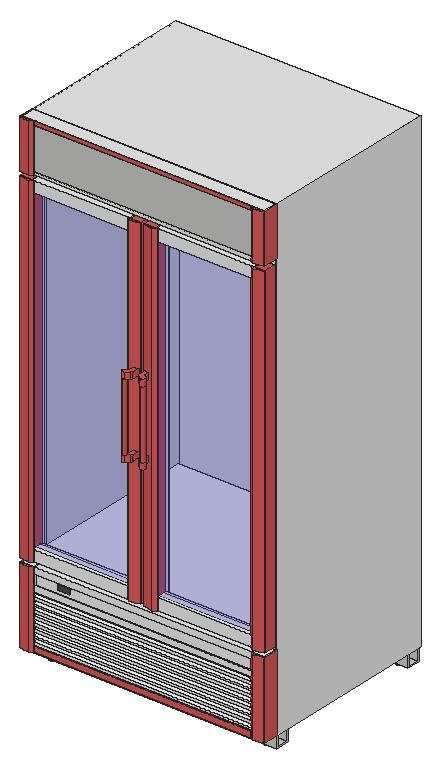
Revit family "QF_Turbo Air_TGM-35SD1c4663ae-152d-4198-af8e-ae2d4dc19811", category Specialty Equipment, Revit 2012
Parameters (values of type "White - Wine")
  Width = 3' - 3 1/2"  # constant formula
  Weight in Pounds = 450  # constant formula
  Watermarked By = "http://revitwatermark.com"
  Volts = 115 V
  URL Cutsheet = ""
  URL = "www.turboairinc.com"
  Status [instance] = ""
  Specification by User [instance] = ""
  Specification by Manufacturer [instance] = ""
  Sign Material [instance] = QF_Finishes_Turbo Air Image
  Serial Number [instance] = ""
  Revision Code [instance] = ""
  Phase = 1
  Number of Poles [instance] = 1
  NAFEM Spec ID Number [instance] = ""
  Model = "TGM-35SDV"
  Masterspec [instance] = ""
  Manufacturer = "Turbo Air"  # constant formula
  Lower Door Frame Material = QF_Finishes_White
  Lower Cowl Frame Material = QF_Finishes_Anodized - Red
  Legs [instance] = not(Casters)  # yes
  Item Number [instance] = "-"
  Installed By [instance] = ""
  HP = "1/3"
  Furnished By [instance] = ""
  Foodservice Equipment Identifier = yes
  FL Amps = 7 A
  Electrical Remarks [instance] = ""
  Electric Connection Type [instance] = ""
  Elec Conn RI Height [instance] = 0' - 0"
  Elec Conn Connection Height [instance] = if(Casters, 0' 11", 0' 6")  # 0' - 6"
  Door Material = QF_Finishes_Anodized - Red
  Description = "Refrigerator Merchandiser"
  Depth = 2' - 7 7/16"  # constant formula
  Cycle = 60 Hz
  Conn Plug = "NEMA 5-15P"
  CasterLeg Height [instance] = if(Casters, 0' 5", 0' 0 1/2")  # 0' - 0 1/2"
  CSI MasterFormat = "11 41 13"
  Body Material = QF_Finishes_White
  Assembly Code = "E1090320"
  Apparent Power = if(Phase = 3, Volts * FL Amps * 1.73, Volts * FL Amps)  # 805 VA
  Casters [instance] = no
Types (4): name | Model | Lower Door Frame Material | Lower Cowl Frame Material | Door Material | Body Material
  (no name) | "TGM-35SDV" | QF_Finishes_White | QF_Finishes_Anodized - Red | QF_Finishes_Anodized - Red | QF_Finishes_White
  Black | "TGM-35SDB" | QF_Finishes_Black | QF_Finishes_Black | QF_Finishes_Black | QF_Finishes_Black
  White | "TGM-35SDW" | QF_Finishes_White | QF_Finishes_White | QF_Finishes_White | QF_Finishes_White
  White - Wine | "TGM-35SDV" | QF_Finishes_White | QF_Finishes_Anodized - Red | QF_Finishes_Anodized - Red | QF_Finishes_White
Reference planes (in)
  plane 1: z = 0
  plane 2 "LEFT": x = -20.72594
  plane 3 "RIGHT": x = 18.77406
  plane 4 "FRONT": y = -29.375
  plane 5 "BACK": y = 4.3125
  plane 6 "Front of Door": y = -27.125
  plane 7 "Top of Door": z = 70.8125
  plane 8 "Top of Lower Cowl": z = 14.875
  plane 9 "Front of Box": y = -24.75
  plane 10 "Bottom of Door": z = 15.5625
  plane 11 "Bottom of Lower Cowl": z = 2.5
  plane 12 "Left of Vents": x = -18.53844
  plane 13 "Right of Vents": x = 16.58656
  plane 14 "Bottom": z = 0.5
  plane 15 "TOP": z = 79.4375
  plane 16 "Bottom of Top Display": z = 71.5625
  plane 17 "Right of Left Door": x = -1.22594
  plane 18 "Left of Right Door": x = -0.72594
Forms (in)
  Extrusion 1, solid, material "QF_Finishes_White" <- "Body Material"
    sketch origin (0, 4.3125, 0) x (1, 0, 0) y (0, 0, 1)
      loop
        line (-20.72594, 2.5) -> (18.77406, 2.5) -> (18.77406, 79.4375) -> (-20.72594, 79.4375) -> (-20.72594, 2.5)
      loop
        line (-20.60094, 79.3125) -> (-20.60094, 2.625) -> (18.64906, 2.625) -> (18.64906, 79.3125) -> (-20.60094, 79.3125)
    from 0 to 29.0625
  Extrusion 2, solid, material "QF_Finishes_White" <- "Body Material"
    sketch origin (0, 4.3125, 0) x (1, 0, 0) y (0, 0, 1)
      loop
        line (-20.60094, 79.3125) -> (-20.60094, 2.625) -> (18.64906, 2.625) -> (18.64906, 79.3125) -> (-20.60094, 79.3125)
    from 0 to 0.125
  Extrusion 3, solid, material "QF_Finishes_White" <- "Body Material"
    sketch origin (0, -24.75, 0) x (1, 0, 0) y (0, 0, 1)
      loop
        line (-18.72594, 68.8125) -> (-18.72594, 16.875) -> (-3.22594, 16.875) -> (-3.22594, 68.8125) -> (-18.72594, 68.8125)
      loop
        line (16.77406, 16.875) -> (16.77406, 68.8125) -> (1.27406, 68.8125) -> (1.27406, 16.875) -> (16.77406, 16.875)
      loop
        line (-20.60094, 79.3125) -> (-20.60094, 2.625) -> (18.64906, 2.625) -> (18.64906, 79.3125) -> (-20.60094, 79.3125)
      loop
        line (16.58656, 14.875) -> (-18.53844, 14.875) -> (-18.53844, 3.5) -> (16.58656, 3.5) -> (16.58656, 14.875)
    from 0 to -0.125
  Extrusion 4, solid, material "QF_Finishes_White"
    sketch origin (-20.72594, 0, 0) x (0, 1, 0) y (0, 0, 1)
      loop
        line (-24.625, 15) -> (4.1875, 15) -> (4.1875, 79.3125) -> (-24.625, 79.3125) -> (-24.625, 68.8125) -> (-22.75, 68.8125) -> (-22.75, 77.4375) -> (2.3125, 77.4375) -> (2.3125, 16.875) -> (-24.625, 16.875) -> (-24.625, 15)
    from 0.125 to 39.375
  Extrusion 5, solid, material "QF_Finishes_White"
    sketch origin (-20.72594, 0, 0) x (0, 1, 0) y (0, 0, 1)
      loop
        line (-24.625, 16.875) -> (2.3125, 16.875) -> (2.3125, 77.4375) -> (-22.75, 77.4375) -> (-22.75, 68.8125) -> (-24.625, 68.8125) -> (-24.625, 16.875)
    from 0.125 to 2
  Extrusion 6, solid, material "QF_Finishes_White"
    sketch origin (18.77406, 0, 0) x (0, 1, 0) y (0, 0, 1)
      loop
        line (-24.625, 16.875) -> (2.3125, 16.875) -> (2.3125, 77.4375) -> (-22.75, 77.4375) -> (-22.75, 68.8125) -> (-24.625, 68.8125) -> (-24.625, 16.875)
    from -0.125 to -2
  Extrusion 7, solid, material "QF_Finishes_Black"
    sketch origin (0, -24.75, 0) x (1, 0, 0) y (0, 0, 1)
      loop
        line (0.58656, 69.5) -> (0.58656, 16.1875) -> (17.46156, 16.1875) -> (17.46156, 69.5) -> (0.58656, 69.5)
      loop
        line (0.46156, 69.625) -> (0.46156, 16.0625) -> (17.58656, 16.0625) -> (17.58656, 69.625) -> (0.46156, 69.625)
    from 0 to 0.4375
  Extrusion 8, solid, material "QF_Finishes_White" <- "Body Material"
    sketch origin (0, 4.3125, 0) x (1, 0, 0) y (0, 0, 1)
      loop
        circle (-0.97594, 6) r 0.25
    from 0 to -0.0625
  Extrusion 9, solid, material "QF_Finishes_Anodized - Red" <- "Door Material"
    sketch origin (0, 0, 2.5) x (0, 1, 0) y (-1, 0, 0)
      loop
        line (-24.75, 20.72594) -> (-27.25, 20.72594)
        arc (-27.25, 20.72594) -> (-27.46771, 19.92526) -> (-27.5625, 19.10094) r 5.5
        line (-27.5625, 19.10094) -> (-27.1875, 18.53844) -> (-27.125, 18.53844) -> (-27.125, 20.60094) -> (-24.75, 20.60094) -> (-24.75, 20.72594)
    from 0 to 12.375
  Extrusion 10, solid, material "QF_Finishes_Anodized - Red" <- "Door Material"
    sketch origin (25.75, 0, 2.5) x (0, 1, 0) y (-1, 0, 0)
      loop
        line (-24.75, 6.97594) -> (-24.75, 7.10094) -> (-27.125, 7.10094) -> (-27.125, 9.16344) -> (-27.1875, 9.16344) -> (-27.5625, 8.60094)
        arc (-27.5625, 8.60094) -> (-27.46771, 7.77662) -> (-27.25, 6.97594) r 5.5
        line (-27.25, 6.97594) -> (-24.75, 6.97594)
    from 0 to 12.375
  Extrusion 11, solid, material "QF_Finishes_White" <- "Body Material"
    sketch origin (0, -24.75, 0) x (1, 0, 0) y (0, 0, 1)
      loop
        line (-18.53844, 14.875) -> (-18.53844, 13.875) -> (16.58656, 13.875) -> (16.58656, 14.875) -> (-18.53844, 14.875)
      loop
        line (-18.53844, 12.1875) -> (-18.53844, 11.1875) -> (16.58656, 11.1875) -> (16.58656, 12.1875) -> (-18.53844, 12.1875)
    from 0 to 2.375
  Extrusion 12, solid, material "QF_Finishes_White" <- "Body Material"
    sketch origin (0, -24.75, 0) x (1, 0, 0) y (0, 0, 1)
      loop
        line (-18.53844, 13.875) -> (-18.53844, 12.1875) -> (16.58656, 12.1875) -> (16.58656, 13.875) -> (-18.53844, 13.875)
      loop
        line (-14.97594, 12.625) -> (-13.03844, 12.625) -> (-13.03844, 13.4375) -> (-14.97594, 13.4375) -> (-14.97594, 12.625)
    from 0 to 2.125
  Extrusion 13, solid, material "QF_Finishes_Black"
    sketch origin (0, -24.75, 0) x (1, 0, 0) y (0, 0, 1)
      loop
        line (-14.97594, 13.4375) -> (-14.97594, 12.625) -> (-13.03844, 12.625) -> (-13.03844, 13.4375) -> (-14.97594, 13.4375)
    from 0 to 2.125
  Extrusion 14, solid, material "QF_Finishes_White" <- "Body Material"
    sketch origin (0, -24.75, 0) x (1, 0, 0) y (0, 0, 1)
      loop
        line (-20.60094, 14.875) -> (-20.60094, 2.5) -> (18.64906, 2.5) -> (18.64906, 14.875) -> (16.58656, 14.875) -> (16.58656, 3.5) -> (-18.53844, 3.5) -> (-18.53844, 14.875) -> (-20.60094, 14.875)
    from 0 to 2.375
  Extrusion 15, solid, material "QF_Finishes_Anodized - Red" <- "Lower Cowl Frame Material"
    sketch origin (0, -27.125, 0) x (1, 0, 0) y (0, 0, 1)
      loop
        line (-18.53844, 3.5) -> (-18.53844, 2.5) -> (16.58656, 2.5) -> (16.58656, 3.5) -> (-18.53844, 3.5)
    from 0 to 0.0625
  Extrusion 16, solid, material "QF_Finishes_White" <- "Body Material"
    sketch origin (-18.53844, 0, 0) x (0, 1, 0) y (0, 0, 1)
      loop
        line (-27.125, 3.5625) -> (-27, 3.5625) -> (-27, 3.88572) -> (-26.47411, 4.41161) -> (-26.5625, 4.5) -> (-27.125, 3.9375) -> (-27.125, 3.5625)
      loop
        line (-27.125, 4.5) -> (-27, 4.625) -> (-27, 4.82322) -> (-26.47411, 5.34911) -> (-26.5625, 5.4375) -> (-27.125, 4.875) -> (-27.125, 4.5)
      loop
        line (-27.125, 5.4375) -> (-27, 5.5625) -> (-27, 5.76072) -> (-26.47411, 6.28661) -> (-26.5625, 6.375) -> (-27.125, 5.8125) -> (-27.125, 5.4375)
      loop
        line (-27.125, 6.375) -> (-27, 6.5) -> (-27, 6.69822) -> (-26.47411, 7.22411) -> (-26.5625, 7.3125) -> (-27.125, 6.75) -> (-27.125, 6.375)
      loop
        line (-27.125, 11.0625) -> (-26.5625, 11.0625) -> (-27.125, 10.5) -> (-27.125, 10.125) -> (-27, 10.25) -> (-27, 10.44822) -> (-26.47411, 10.97411) -> (-26.47411, 11.125) -> (-27.125, 11.125) -> (-27.125, 11.0625)
      loop
        line (-27.125, 7.3125) -> (-27, 7.4375) -> (-27, 7.63572) -> (-26.47411, 8.16161) -> (-26.5625, 8.25) -> (-27.125, 7.6875) -> (-27.125, 7.3125)
      loop
        line (-27.125, 8.25) -> (-27, 8.375) -> (-27, 8.57322) -> (-26.47411, 9.09911) -> (-26.5625, 9.1875) -> (-27.125, 8.625) -> (-27.125, 8.25)
      loop
        line (-27.125, 9.1875) -> (-27, 9.3125) -> (-27, 9.51072) -> (-26.47411, 10.03661) -> (-26.5625, 10.125) -> (-27.125, 9.5625) -> (-27.125, 9.1875)
    from 0 to 35.125
  Extrusion 17, solid, material "QF_Finishes_Stainless Steel"
    sketch origin (-20.72594, 0, 0) x (0, 1, 0) y (0, 0, 1)
      loop
        line (-24.5625, 2.5) -> (-24.5625, 0.5) -> (-22.375, 0.5) -> (-22.375, 2.5) -> (-22.5, 2.5) -> (-22.5, 0.625) -> (-24.4375, 0.625) -> (-24.4375, 2.5) -> (-24.5625, 2.5)
      loop
        line (1.9375, 2.5) -> (1.9375, 0.5) -> (4.125, 0.5) -> (4.125, 2.5) -> (4, 2.5) -> (4, 0.625) -> (2.0625, 0.625) -> (2.0625, 2.5) -> (1.9375, 2.5)
    from 0.125 to 39.375
  Extrusion 18, solid, material "QF_Finishes_Stainless Steel", visible <- "Legs"
    sketch origin (0, 0, 0) x (1, 0, 0) y (0, 1, 0)
      loop
        circle (-18.41344, 3.03125) r 0.5625
      loop
        circle (-18.41344, -23.46875) r 0.5625
    from 0 to 0.5
  Extrusion 19, solid, material "QF_Finishes_Stainless Steel", visible <- "Legs"
    sketch origin (23.4375, 0, 0) x (1, 0, 0) y (0, 1, 0)
      loop
        circle (-6.97594, 3.03125) r 0.5625
      loop
        circle (-6.97594, -23.46875) r 0.5625
    from 0 to 0.5
  Extrusion 20, solid, material "QF_Finishes_Anodized - Red" <- "Door Material"
    sketch origin (0, 0, 71.5625) x (0, 1, 0) y (-1, 0, 0)
      loop
        line (-24.75, 20.72594) -> (-27.25, 20.72594)
        arc (-27.25, 20.72594) -> (-27.46771, 19.92526) -> (-27.5625, 19.10094) r 5.5
        line (-27.5625, 19.10094) -> (-27.1875, 18.53844) -> (-27.125, 18.53844) -> (-27.125, 20.60094) -> (-24.75, 20.60094) -> (-24.75, 20.72594)
    from 0 to 7.875
  Extrusion 21, solid, material "QF_Finishes_Anodized - Red" <- "Door Material"
    sketch origin (0, 0, 71.5625) x (0, 1, 0) y (-1, 0, 0)
      loop
        line (-24.75, -18.77406) -> (-24.75, -18.64906) -> (-27.125, -18.64906) -> (-27.125, -16.58656) -> (-27.1875, -16.58656) -> (-27.5625, -17.14906)
        arc (-27.5625, -17.14906) -> (-27.46771, -17.97338) -> (-27.25, -18.77406) r 5.5
        line (-27.25, -18.77406) -> (-24.75, -18.77406)
    from 0 to 7.875
  Extrusion 22, solid, material "QF_Finishes_White" <- "Body Material"
    sketch origin (0, -24.75, 80) x (1, 0, 0) y (0, 0, 1)
      loop
        line (-20.60094, -0.5625) -> (-20.60094, -8.4375) -> (18.64906, -8.4375) -> (18.64906, -0.5625) -> (-20.60094, -0.5625)
      loop
        line (16.58656, -1.125) -> (-18.53844, -1.125) -> (-18.53844, -7.875) -> (16.58656, -7.875) -> (16.58656, -1.125)
    from 0 to 2.375
  Extrusion 23, solid, material "QF_Finishes_Anodized - Red" <- "Lower Cowl Frame Material"
    sketch origin (0, -27.125, 78) x (1, 0, 0) y (0, 0, 1)
      loop
        line (-18.53844, 1.4375) -> (-18.53844, 0.875) -> (16.58656, 0.875) -> (16.58656, 1.4375) -> (-18.53844, 1.4375)
    from 0 to 0.0625
  Extrusion 24, solid, material "QF_Finishes_Turbo Air Image" <- "Sign Material"
    sketch origin (0, -24.75, 0) x (1, 0, 0) y (0, 0, 1)
      loop
        line (-18.53844, 78.875) -> (-18.53844, 72.125) -> (16.58656, 72.125) -> (16.58656, 78.875) -> (-18.53844, 78.875)
    from 0 to 2.375
  Extrusion 25, solid, material "QF_Finishes_Black"
    sketch origin (-20, -24.75, 0) x (1, 0, 0) y (0, 0, 1)
      loop
        line (0.58656, 69.5) -> (0.58656, 16.1875) -> (17.46156, 16.1875) -> (17.46156, 69.5) -> (0.58656, 69.5)
      loop
        line (0.46156, 69.625) -> (0.46156, 16.0625) -> (17.58656, 16.0625) -> (17.58656, 69.625) -> (0.46156, 69.625)
    from 0 to 0.4375
Lines and regions (in)
  symbolic lines
    curve 1: line (-20.72594, 4.3125, 0) -> (18.77406, 4.3125, 0)
    curve 2: line (-20.72594, -24.75, 0) -> (-20.72594, 4.3125, 0)
    curve 3: line (18.77406, -24.75, 0) -> (-20.72594, -24.75, 0)
    curve 4: line (18.77406, 4.3125, 0) -> (18.77406, -24.75, 0)
    curve 5: line (0.46156, -24.75, 0) -> (0.46156, -25.1875, 0)
    curve 6: line (17.58656, -25.1875, 0) -> (17.58656, -24.75, 0)
    curve 7: line (-2.41344, -25.1875, 0) -> (-2.41344, -24.75, 0)
    curve 8: line (-19.53844, -24.75, 0) -> (-19.53844, -25.1875, 0)
  symbolic lines, style "QF_Clearances", detail levels coarse
    curve 9: line (-20.72594, -27.125, 0) -> (-20.72594, -46.625, 0)
    curve 10: line (18.77406, -46.625, 0) -> (18.77406, -27.125, 0)
    curve 11: arc (-20.72594, -46.625, 0) -> (-6.93736, -40.91358, 0) -> (-1.22594, -27.125, 0) r 19.5
    curve 12: arc (18.77406, -46.625, 0) -> (5.20645, -41.00511, 0) -> (-0.41344, -27.4375, 0) r 19.1875
Dimensions and locks (in)
  "Width": plane 3 "RIGHT" to plane 2 "LEFT"
  "Depth": plane 6 "Front of Door" to plane 5 "BACK"
  locked: plane 4 "FRONT" to plane 6 "Front of Door" at 2.25
  locked: plane 6 "Front of Door" to plane 9 "Front of Box" at 2.375
  locked: Extrusion 1 sketch curve to plane 2 "LEFT" at 0.125
  locked: Extrusion 1 sketch curve to plane 3 "RIGHT" at 0.125
  locked: Extrusion 3 sketch curve to plane 2 "LEFT" at 2
  locked: plane 7 "Top of Door" to Extrusion 3 sketch curve at 2  (x2)
  locked: Extrusion 3 sketch curve to plane 3 "RIGHT" at 2
  locked: Extrusion 3 sketch curve to plane 8 "Top of Lower Cowl" at 2  (x2)
  locked: plane 9 "Front of Box" to Extrusion 4 sketch curve at 0.125  (x2)
  locked: Extrusion 4 sketch curve to plane 5 "BACK" at 0.125
  locked: plane 8 "Top of Lower Cowl" to Extrusion 4 sketch curve at 0.125
  locked: Extrusion 4 sketch curve to Extrusion 4 sketch curve at 1.875  (x4)
  locked: plane 9 "Front of Box" to Extrusion 5 sketch curve at 0.125
  locked: plane 7 "Top of Door" to Extrusion 5 sketch curve at 2
  locked: Extrusion 5 sketch curve to plane 5 "BACK" at 2
  locked: plane 8 "Top of Lower Cowl" to Extrusion 5 sketch curve at 2
  locked: plane 7 "Top of Door" to Extrusion 6 sketch curve at 2
  locked: plane 8 "Top of Lower Cowl" to Extrusion 6 sketch curve at 2
  locked: Extrusion 6 sketch curve to plane 5 "BACK" at 2
  locked: plane 9 "Front of Box" to Extrusion 6 sketch curve at 0.125
  locked: Extrusion 7 sketch curve to Extrusion 7 sketch curve at 0.125  (x4)
  locked: Extrusion 7 sketch curve to plane 8 "Top of Lower Cowl" at 1.1875
  locked: plane 7 "Top of Door" to Extrusion 7 sketch curve at 1.1875
  locked: Extrusion 7 sketch curve to plane 3 "RIGHT" at 1.1875
  locked: plane 8 "Top of Lower Cowl" to plane 11 "Bottom of Lower Cowl" at 12.375
  locked: Extrusion 1 sketch curve to plane 11 "Bottom of Lower Cowl" at 0.125
  locked: plane 2 "LEFT" to plane 12 "Left of Vents" at 2.1875
  locked: plane 13 "Right of Vents" to plane 3 "RIGHT" at 2.1875
  locked: Extrusion 9 sketch curve to plane 6 "Front of Door" at 0.0625
  locked: Extrusion 9 sketch curve to plane 6 "Front of Door" at 0.125
  locked: Extrusion 9 sketch curve to plane 6 "Front of Door" at 0.4375
  locked: plane 2 "LEFT" to Extrusion 9 sketch curve at 1.625
  locked: Extrusion 10 sketch curve to plane 6 "Front of Door" at 0.125
  locked: Extrusion 10 sketch curve to plane 6 "Front of Door" at 0.0625
  locked: Extrusion 10 sketch curve to plane 6 "Front of Door" at 0.4375
  locked: Extrusion 10 sketch curve to plane 3 "RIGHT" at 1.625
  locked: plane 8 "Top of Lower Cowl" to Extrusion 11 sketch curve at 1
  locked: Extrusion 11 sketch curve to Extrusion 11 sketch curve at 1.6875
  locked: Extrusion 11 sketch curve to Extrusion 11 sketch curve at 1
  locked: plane 8 "Top of Lower Cowl" to Extrusion 12 sketch curve at 1
  locked: Extrusion 12 sketch curve to Extrusion 12 sketch curve at 1.6875
  locked: Extrusion 12 sketch curve to Extrusion 12 sketch curve at 0.4375
  locked: Extrusion 12 sketch curve to Extrusion 12 sketch curve at 0.8125
  locked: Extrusion 12 sketch curve to plane 12 "Left of Vents" at 3.5625
  locked: Extrusion 12 sketch curve to Extrusion 12 sketch curve at 1.9375
  locked: plane 8 "Top of Lower Cowl" to Extrusion 13 sketch curve at 1.4375
  locked: Extrusion 13 sketch curve to Extrusion 13 sketch curve at 0.8125
  locked: Extrusion 13 sketch curve to plane 12 "Left of Vents" at 3.5625
  locked: Extrusion 13 sketch curve to Extrusion 13 sketch curve at 1.9375
  locked: Extrusion 3 sketch curve to plane 11 "Bottom of Lower Cowl" at 0.125
  locked: Extrusion 3 sketch curve to plane 11 "Bottom of Lower Cowl" at 1
  locked: Extrusion 14 sketch curve to plane 11 "Bottom of Lower Cowl" at 1
  locked: Extrusion 15 sketch curve to plane 11 "Bottom of Lower Cowl" at 1
  locked: plane 2 "LEFT" to Extrusion 14 sketch curve at 0.125
  locked: plane 3 "RIGHT" to Extrusion 14 sketch curve at 0.125
  locked: plane 2 "LEFT" to Extrusion 9 sketch curve at 0.125
  locked: Extrusion 10 sketch curve to plane 3 "RIGHT" at 0.125
  locked: plane 11 "Bottom of Lower Cowl" to plane 14 "Bottom" at 2
  "CasterLeg Height": plane 14 "Bottom" to level
  locked: plane 7 "Top of Door" to plane 10 "Bottom of Door" at 55.25
  locked: Extrusion 17 sketch curve to Extrusion 17 sketch curve at 0.125  (x4)
  locked: plane 9 "Front of Box" to Extrusion 17 sketch curve at 0.1875
  locked: plane 14 "Bottom" to Extrusion 17 sketch curve at 0.125  (x2)
  locked: Extrusion 17 sketch curve to plane 5 "BACK" at 0.1875
  locked: Extrusion 17 sketch curve to Extrusion 17 sketch curve at 1.9375  (x2)
  locked: plane 2 "LEFT" to Extrusion 17 at 0.125
  locked: plane 3 "RIGHT" to Extrusion 17 at 0.125
  locked: Extrusion 18 sketch curve to plane 5 "BACK" at 1.28125
  locked: plane 2 "LEFT" to Extrusion 18 sketch curve at 2.3125  (x2)
  locked: plane 9 "Front of Box" to Extrusion 18 sketch curve at 1.28125
  locked: Extrusion 19 sketch curve to plane 5 "BACK" at 1.28125
  locked: Extrusion 19 sketch curve to plane 3 "RIGHT" at 2.3125  (x2)
  locked: plane 9 "Front of Box" to Extrusion 19 sketch curve at 1.28125
  locked: plane 2 "LEFT" to nested 2 at 2.3125
  locked: nested 2 to plane 5 "BACK" at 1.28125
  locked: nested 3 to plane 5 "BACK" at 1.28125
  locked: nested 3 to plane 3 "RIGHT" at 2.3125
  locked: plane 9 "Front of Box" to nested 4 at 1.28125
  locked: plane 2 "LEFT" to nested 4 at 2.3125
  locked: nested 5 to plane 3 "RIGHT" at 2.3125
  locked: plane 9 "Front of Box" to nested 5 at 1.28125
  equal spacing: plane 3 "RIGHT", Extrusion 8 sketch curve, plane 2 "LEFT"
  locked: Extrusion 8 sketch curve to plane 14 "Bottom" at 5.5
  locked: plane 15 "TOP" to plane 16 "Bottom of Top Display" at 7.875
  locked: plane 15 "TOP" to Extrusion 1 sketch curve at 0.125
  locked: Extrusion 4 sketch curve to plane 15 "TOP" at 0.125
  locked: Extrusion 4 sketch curve to plane 7 "Top of Door" at 2
  locked: plane 9 "Front of Box" to Extrusion 6 sketch curve at 2
  locked: Extrusion 6 sketch curve to plane 15 "TOP" at 2
  locked: plane 9 "Front of Box" to Extrusion 5 sketch curve at 2
  locked: plane 15 "TOP" to Extrusion 5 sketch curve at 2
  locked: Extrusion 22 sketch curve to plane 16 "Bottom of Top Display" at 0.5625
  locked: plane 15 "TOP" to Extrusion 22 sketch curve at 0.5625
  locked: plane 2 "LEFT" to Extrusion 22 sketch curve at 0.125
  locked: plane 3 "RIGHT" to Extrusion 22 sketch curve at 0.125
  locked: plane 15 "TOP" to Extrusion 23 sketch curve at 0.5625
  locked: plane 15 "TOP" to Extrusion 24 sketch curve at 0.5625
  locked: Extrusion 24 sketch curve to plane 16 "Bottom of Top Display" at 0.5625
  locked: plane 10 "Bottom of Door" to plane 8 "Top of Lower Cowl" at 0.6875
  locked: plane 16 "Bottom of Top Display" to plane 7 "Top of Door" at 0.75
  locked: plane 2 "LEFT" to plane 17 "Right of Left Door" at 19.5
  locked: plane 18 "Left of Right Door" to plane 3 "RIGHT" at 19.5
  locked: Extrusion 7 sketch curve to plane 18 "Left of Right Door" at 1.1875
  locked: Extrusion 25 sketch curve to Extrusion 25 sketch curve at 0.125  (x4)
  locked: Extrusion 25 sketch curve to plane 2 "LEFT" at 1.1875
  locked: plane 17 "Right of Left Door" to Extrusion 25 sketch curve at 1.1875
  locked: plane 7 "Top of Door" to Extrusion 25 sketch curve at 1.1875
  locked: Extrusion 25 sketch curve to plane 10 "Bottom of Door" at 0.5
  locked: plane 18 "Left of Right Door" to Extrusion 3 sketch curve at 2
  locked: Extrusion 3 sketch curve to plane 17 "Right of Left Door" at 2
  aligned and locked: level to plane 1
  aligned and locked: Extrusion 1 sketch curve to plane 3 "RIGHT"
  aligned and locked: plane 2 "LEFT" to Extrusion 1 sketch curve
  aligned and locked: plane 9 "Front of Box" to Extrusion 1
  aligned and locked: Extrusion 2 sketch curve to Extrusion 1  (x2)
  aligned and locked: Extrusion 3 sketch curve to Extrusion 1  (x2)
  aligned and locked: Extrusion 4 to Extrusion 1  (x2)
  aligned and locked: Extrusion 5 to Extrusion 1
  aligned and locked: Extrusion 1 to Extrusion 6
  aligned and locked: plane 3 "RIGHT" to nested 1
  aligned and locked: plane 5 "BACK" to curve 1
  aligned and locked: plane 2 "LEFT" to curve 2
  aligned and locked: curve 3 to plane 9 "Front of Box"
  aligned and locked: curve 4 to plane 3 "RIGHT"
  aligned and locked: curve 6 to Extrusion 7
  aligned and locked: plane 11 "Bottom of Lower Cowl" to Extrusion 1 sketch curve
  aligned and locked: Extrusion 9 sketch curve to plane 2 "LEFT"
  aligned and locked: plane 6 "Front of Door" to Extrusion 9 sketch curve
  aligned and locked: Extrusion 9 sketch curve to plane 12 "Left of Vents"
  aligned and locked: Extrusion 10 sketch curve to plane 3 "RIGHT"
  aligned and locked: Extrusion 10 sketch curve to plane 6 "Front of Door"
  aligned and locked: Extrusion 10 sketch curve to plane 13 "Right of Vents"
  aligned and locked: plane 8 "Top of Lower Cowl" to Extrusion 9
  aligned and locked: plane 8 "Top of Lower Cowl" to Extrusion 10
  aligned and locked: plane 8 "Top of Lower Cowl" to Extrusion 11 sketch curve
  aligned and locked: Extrusion 11 sketch curve to plane 12 "Left of Vents"
  aligned and locked: plane 12 "Left of Vents" to Extrusion 11 sketch curve
  aligned and locked: Extrusion 11 sketch curve to plane 13 "Right of Vents"
  aligned and locked: plane 13 "Right of Vents" to Extrusion 11 sketch curve
  aligned and locked: plane 6 "Front of Door" to Extrusion 11
  aligned and locked: plane 12 "Left of Vents" to Extrusion 12 sketch curve
  aligned and locked: Extrusion 12 sketch curve to plane 13 "Right of Vents"
  aligned and locked: plane 8 "Top of Lower Cowl" to Extrusion 3 sketch curve
  aligned and locked: Extrusion 3 sketch curve to plane 12 "Left of Vents"
  aligned and locked: Extrusion 3 sketch curve to plane 13 "Right of Vents"
  aligned and locked: plane 8 "Top of Lower Cowl" to Extrusion 14 sketch curve  (x2)
  aligned and locked: Extrusion 14 sketch curve to plane 11 "Bottom of Lower Cowl"
  aligned and locked: Extrusion 14 sketch curve to plane 13 "Right of Vents"
  aligned and locked: plane 6 "Front of Door" to Extrusion 14
  aligned and locked: plane 11 "Bottom of Lower Cowl" to Extrusion 15 sketch curve
  aligned and locked: plane 12 "Left of Vents" to Extrusion 15 sketch curve
  aligned and locked: Extrusion 15 sketch curve to plane 13 "Right of Vents"
  aligned and locked: plane 13 "Right of Vents" to Extrusion 16
  aligned and locked: plane 9 "Front of Box" to Extrusion 9 sketch curve
  aligned and locked: plane 9 "Front of Box" to Extrusion 10 sketch curve
  aligned and locked: Extrusion 17 sketch curve to plane 11 "Bottom of Lower Cowl"  (x4)
  aligned and locked: Extrusion 17 sketch curve to plane 14 "Bottom"  (x2)
  aligned and locked: plane 14 "Bottom" to Extrusion 18
  aligned and locked: plane 14 "Bottom" to Extrusion 19
  aligned and locked: Extrusion 1 sketch curve to plane 15 "TOP"
  aligned and locked: plane 15 "TOP" to Extrusion 22 sketch curve
  aligned and locked: Extrusion 22 sketch curve to plane 16 "Bottom of Top Display"
  aligned and locked: plane 12 "Left of Vents" to Extrusion 22 sketch curve
  aligned and locked: Extrusion 22 sketch curve to plane 13 "Right of Vents"
  aligned and locked: plane 15 "TOP" to Extrusion 20
  aligned and locked: plane 6 "Front of Door" to Extrusion 22
  aligned and locked: plane 12 "Left of Vents" to Extrusion 23 sketch curve
  aligned and locked: Extrusion 23 sketch curve to plane 15 "TOP"
  aligned and locked: Extrusion 23 sketch curve to plane 13 "Right of Vents"
  aligned and locked: plane 12 "Left of Vents" to Extrusion 24 sketch curve
  aligned and locked: Extrusion 24 to plane 9 "Front of Box"
  aligned and locked: plane 13 "Right of Vents" to Extrusion 24
  aligned and locked: plane 18 "Left of Right Door" to nested 1
  aligned and locked: plane 10 "Bottom of Door" to nested 6
  aligned and locked: plane 17 "Right of Left Door" to nested 6
  aligned and locked: plane 2 "LEFT" to nested 6
  aligned and locked: nested 1 to plane 10 "Bottom of Door"
  aligned and locked: curve 7 to Extrusion 25
  aligned and locked: curve 8 to Extrusion 25
Automatic sketch dimensions
  plane 11 "Bottom of Lower Cowl" to Extrusion 2 sketch curve = 0' - 0 1/8"
  Extrusion 2 sketch curve to plane 15 "TOP" = 0' - 0 1/8"
  Extrusion 9 sketch curve to plane 12 "Left of Vents" = 0' - 0.34816"
  plane 13 "Right of Vents" to Extrusion 10 sketch curve = 0' - 0.34816"
  Extrusion 14 sketch curve to plane 12 "Left of Vents" = 0' - 0"
  Extrusion 16 sketch curve to plane 6 "Front of Door" = 0' - 0"  (x9)
  Extrusion 16 sketch curve to plane 6 "Front of Door" = 0' - 0 1/8"  (x8)
  Extrusion 16 sketch curve to Extrusion 16 sketch curve = 0' - 0 7/16"  (x7)
  Extrusion 16 sketch curve to plane 6 "Front of Door" = 0' - 0 9/16"
  Extrusion 16 sketch curve to Extrusion 16 sketch curve = 0' - 0.08839"  (x8)
  plane 11 "Bottom of Lower Cowl" to Extrusion 16 sketch curve = 0' - 1 1/16"
  Extrusion 16 sketch curve to Extrusion 16 sketch curve = 0' - 0.32322"
  Extrusion 16 sketch curve to Extrusion 16 sketch curve = 0' - 0.05178"  (x8)
  Extrusion 16 sketch curve to Extrusion 16 sketch curve = 0' - 0 9/16"  (x8)
  Extrusion 16 sketch curve to Extrusion 16 sketch curve = 0' - 0 1/8"  (x7)
  Extrusion 16 sketch curve to Extrusion 16 sketch curve = 0' - 0.19822"  (x7)
  Extrusion 16 sketch curve to Extrusion 16 sketch curve = 0' - 0.52589"
  Extrusion 16 sketch curve to Extrusion 16 sketch curve = 0' - 0 1/16"
  Extrusion 20 sketch curve to plane 2 "LEFT" = 0' - 0"
  Extrusion 20 sketch curve to plane 12 "Left of Vents" = 0' - 0"
  plane 6 "Front of Door" to Extrusion 20 sketch curve = 0' - 0"
  plane 9 "Front of Box" to Extrusion 20 sketch curve = 0' - 0"
  Extrusion 20 sketch curve to Extrusion 20 sketch curve = 0' - 0 1/16"
  plane 6 "Front of Door" to Extrusion 20 sketch curve = 0' - 0 1/8"
  plane 6 "Front of Door" to Extrusion 20 sketch curve = 0' - 0 7/16"
  Extrusion 20 sketch curve to plane 12 "Left of Vents" = 0' - 0.34816"
  Extrusion 20 sketch curve to plane 9 "Front of Box" = 0' - 2.68332"
  Extrusion 20 sketch curve to Extrusion 20 sketch curve = 0' - 0 1/8"
  Extrusion 21 sketch curve to plane 3 "RIGHT" = 0' - 0"
  Extrusion 21 sketch curve to plane 13 "Right of Vents" = 0' - 0"
  plane 6 "Front of Door" to Extrusion 21 sketch curve = 0' - 0"
  plane 9 "Front of Box" to Extrusion 21 sketch curve = 0' - 0"
  Extrusion 21 sketch curve to Extrusion 21 sketch curve = 0' - 0 1/16"
  plane 6 "Front of Door" to Extrusion 21 sketch curve = 0' - 0 1/8"
  plane 6 "Front of Door" to Extrusion 21 sketch curve = 0' - 0 7/16"
  plane 13 "Right of Vents" to Extrusion 21 sketch curve = 0' - 0.34816"
  Extrusion 21 sketch curve to plane 9 "Front of Box" = 0' - 2.68332"
  Extrusion 21 sketch curve to Extrusion 21 sketch curve = 0' - 0 1/8"
  Extrusion 24 sketch curve to plane 13 "Right of Vents" = 0' - 0"
  Extrusion 3 sketch curve to plane 15 "TOP" = 0' - 0 1/8"
  curve 11 to plane 2 "LEFT" = 0' - 0"
  plane 6 "Front of Door" to curve 11 = 0' - 0"
  curve 11 to plane 17 "Right of Left Door" = 0' - 0"
  curve 10 to plane 3 "RIGHT" = 0' - 0"
  plane 6 "Front of Door" to curve 10 = 0' - 0"
  plane 6 "Front of Door" to curve 9 = 0' - 0"
  plane 18 "Left of Right Door" to curve 12 = 0' - 0 5/16"
  plane 18 "Left of Right Door" to curve 5 = 0' - 1 3/16"
  plane 4 "FRONT" to curve 10 = 1' - 5 1/4"
  curve 6 to curve 6 = 0' - 0 7/16"
  curve 8 to curve 8 = 0' - 0 7/16"
  curve 7 to curve 7 = 0' - 0 7/16"
  curve 5 to curve 5 = 0' - 0 7/16"
  radius of Extrusion 8 sketch curve = 0' - 0 1/4"
  radius of Extrusion 18 sketch curve = 0' - 0 9/16"  (x2)
  radius of Extrusion 19 sketch curve = 0' - 0 9/16"  (x2)
Nested families (in)
  nested 1: "QF_Turbo Air_RI_Merch-Door" at (14.45073, -25.1875, 15.5625), Handle Material <- "Door Material", Door Frame Top Material <- "Body Material", Door Frame Sides Material <- "Door Material", Door Frame Bottom Material <- "Lower Door Frame Material", type "QF_Turbo Air_RI_Merch-Door"
    with Width 1' - 7 1/2", Symbolic Lines yes, Height 4' - 7 1/4", Handle Material QF_Finishes_Anodized - Red, Door Frame Top Material QF_Finishes_White, Door Frame Sides Material QF_Finishes_Anodized - Red, Door Frame Bottom Material QF_Finishes_White, Depth 0' - 1 15/16", CL Handle Height 2' - 3 5/8"
  nested 2: "FESCasterLeg" at (-18.41344, 3.03125, 0), Casters <- "Casters", type "FESCasterLeg"
    with Legs no, Height 0' - 5", Casters no, Caster Radius 0' - 2"
  nested 3: "FESCasterLeg" at (16.46156, 3.03125, 0), Casters <- "Casters", type "FESCasterLeg"
    with Legs no, Height 0' - 5", Casters no, Caster Radius 0' - 2"
  nested 4: "FESCasterLeg" at (-18.41344, -23.46875, 0), Casters <- "Casters", type "FESCasterLeg"
    with Legs no, Height 0' - 5", Casters no, Caster Radius 0' - 2"
  nested 5: "FESCasterLeg" at (16.46156, -23.46875, 0), Casters <- "Casters", type "FESCasterLeg"
    with Legs no, Height 0' - 5", Casters no, Caster Radius 0' - 2"
  nested 6: "QF_Turbo Air_RI_Merch-Door" at (-16.40261, -25.1875, 15.5625) x (-1, 0, 0) z (0, 0, 1), Handle Material <- "Door Material", Door Frame Top Material <- "Body Material", Door Frame Sides Material <- "Door Material", Door Frame Bottom Material <- "Lower Door Frame Material", type "QF_Turbo Air_RI_Merch-Door"
    with Width 1' - 7 1/2", Symbolic Lines yes, Height 4' - 7 1/4", Handle Material QF_Finishes_Anodized - Red, Door Frame Top Material QF_Finishes_White, Door Frame Sides Material QF_Finishes_Anodized - Red, Door Frame Bottom Material QF_Finishes_White, Depth 0' - 1 15/16", CL Handle Height 2' - 3 5/8"
Connectors (in)
  electrical at (-0.97594, 4.375, 6), driven by "Number of Poles", driven by "Volts", driven by "Apparent Power"
    settings: on Extrusion 8, index 1, voltage 115 V, apparent load 805 VA, apparent load phase1 0 VA, apparent load phase2 0 VA, apparent load phase3 0 VA, power factor 1, load classification "Other", number of poles 1, system type 30, power factor state 1, is connector primary yes, connector utility no, sub classification motor no, connector description "Electric"
Definition of nested family "QF_Turbo Air_RI_Merch-Door"
  Parameters (values of type "QF_Turbo Air_RI_Merch-Door")
    Width [instance] = 2' - 1"
    Watermarked By = "http://revitwatermark.com"
    Symbolic Lines [instance] = yes
    Manufacturer = "Turbo Air"  # constant formula
    Height [instance] = 2' - 6 1/2"
    Handle Material [instance] = QF_Finishes_Stainless Steel
    Door Frame Top Material [instance] = QF_Finishes_Stainless Steel
    Door Frame Sides Material [instance] = QF_Finishes_Stainless Steel
    Door Frame Bottom Material [instance] = QF_Finishes_Stainless Steel
    Depth [instance] = 0' - 1 15/16"
    CL Handle Height [instance] = 1' - 3 3/16"
  Reference planes (in)
    plane 1 "BACK": y = 0
    plane 2: z = 0
    plane 3 "LEFT": x = -15.17667
    plane 4: x = 9.82333
    plane 5 "FRONT": y = -1.9375
    plane 6: z = 30.5
    plane 7 "Top of Handle": z = 21.6875
    plane 8 "Bottom of Handle": z = 8.6875
    plane 9 "Center of Handle": z = 15.1875
    plane 10: x = -13.36417
    plane 11: x = 8.01083
    plane 12: z = 28.6875
    plane 13: z = 1.8125
    plane 14: z = 20.6875
    plane 15: z = 9.6875
  Forms (in)
    Extrusion 1, solid, material "QF_Finishes_Stainless Steel" <- "Door Frame Sides Material"
      sketch origin (0, 0, 0) x (1, 0, 0) y (0, 0, 1)
        loop
          line (-15.17667, 30.5) -> (-15.17667, 0) -> (-13.36417, 0) -> (-13.36417, 30.5) -> (-15.17667, 30.5)
        loop
          line (9.82333, 0) -> (9.82333, 30.5) -> (8.01083, 30.5) -> (8.01083, 0) -> (9.82333, 0)
      from 0 to 1.9375
    Extrusion 2, solid, material "QF_Finishes_Glass"
      sketch origin (0, 0, 0) x (1, 0, 0) y (0, 0, 1)
        loop
          line (-13.36417, 28.6875) -> (-13.36417, 1.8125) -> (8.01083, 1.8125) -> (8.01083, 28.6875) -> (-13.36417, 28.6875)
      from 0.5 to 1.4375
    Extrusion 3, solid, material "QF_Finishes_Stainless Steel" <- "Handle Material"
      sketch origin (0, 0, 8.6875) x (0, 1, 0) y (-1, 0, 0)
        loop
          circle (-3.8125, 13.92667) r 0.375
      from 1 to 12
    Extrusion 4, solid, material "QF_Finishes_Stainless Steel" <- "Handle Material"
      sketch origin (0, 0, 8.6875) x (0, 1, 0) y (-1, 0, 0)
        loop
          line (-1.9375, 14.86417) -> (-3.25, 14.86417)
          arc (-3.25, 14.86417) -> (-3.39351, 14.83562) -> (-3.51517, 14.75433) r 0.375
          line (-3.51517, 14.75433) -> (-4.07767, 14.19183)
          arc (-4.07767, 14.19183) -> (-4.07767, 13.6615) -> (-3.54733, 13.6615) r 0.375
          line (-3.54733, 13.6615) -> (-2.90717, 14.30167) -> (-1.9375, 14.30167) -> (-1.9375, 14.86417)
      from 0 to 1
    Extrusion 5, solid, material "QF_Finishes_Stainless Steel" <- "Handle Material"
      sketch origin (0, 0, 21.6875) x (0, 1, 0) y (-1, 0, 0)
        loop
          line (-1.9375, 14.86417) -> (-3.25, 14.86417)
          arc (-3.25, 14.86417) -> (-3.39351, 14.83562) -> (-3.51517, 14.75433) r 0.375
          line (-3.51517, 14.75433) -> (-4.07767, 14.19183)
          arc (-4.07767, 14.19183) -> (-4.07767, 13.6615) -> (-3.54733, 13.6615) r 0.375
          line (-3.54733, 13.6615) -> (-2.90717, 14.30167) -> (-1.9375, 14.30167) -> (-1.9375, 14.86417)
      from 0 to -1
    Extrusion 6, solid, material "QF_Finishes_Stainless Steel" <- "Door Frame Top Material"
      sketch origin (0, 0, 0) x (1, 0, 0) y (0, 0, 1)
        loop
          line (-13.36417, 30.5) -> (-13.36417, 28.6875) -> (8.01083, 28.6875) -> (8.01083, 30.5) -> (-13.36417, 30.5)
      from 0 to 1.9375
    Extrusion 7, solid, material "QF_Finishes_Stainless Steel" <- "Door Frame Bottom Material"
      sketch origin (0, 0, 0) x (1, 0, 0) y (0, 0, 1)
        loop
          line (-13.36417, 1.8125) -> (-13.36417, 0) -> (8.01083, 0) -> (8.01083, 1.8125) -> (-13.36417, 1.8125)
      from 0 to 1.9375
    Extrusion 8, solid, material "QF_Finishes_Stainless Steel" <- "Door Frame Sides Material"
      sketch origin (0, 0, 0) x (1, 0, 0) y (0, 1, 0)
        loop
          line (-15.17667, -1.9375) -> (-15.17667, -2.0625)
          arc (-15.17667, -2.0625) -> (-14.37599, -2.28021) -> (-13.55167, -2.375) r 5.5
          line (-13.55167, -2.375) -> (-12.98917, -2) -> (-12.98917, -1.9375) -> (-15.17667, -1.9375)
      from 0 to 30.5
    Extrusion 9, solid, material "QF_Finishes_Stainless Steel" <- "Door Frame Sides Material"
      sketch origin (25, 0, 0) x (1, 0, 0) y (0, 1, 0)
        loop
          line (-15.17667, -1.9375) -> (-17.36417, -1.9375) -> (-17.36417, -2) -> (-16.80167, -2.375)
          arc (-16.80167, -2.375) -> (-15.97735, -2.28021) -> (-15.17667, -2.0625) r 5.5
          line (-15.17667, -2.0625) -> (-15.17667, -1.9375)
      from 0 to 30.5
  Lines and regions (in)
    symbolic lines, visible <- "Symbolic Lines"
      curve 1: line (-15.17667, 0, 8.6875) -> (9.82333, 0, 8.6875)
      curve 2: line (-15.17667, -1.9375, 8.6875) -> (-15.17667, 0, 8.6875)
      curve 3: line (9.82333, -1.9375, 8.6875) -> (-15.17667, -1.9375, 8.6875)
      curve 4: line (9.82333, 0, 8.6875) -> (9.82333, -1.9375, 8.6875)
      curve 11: line (-15.17667, -1.9375, 0) -> (-15.17667, -2.0625, 0)
      curve 12: arc (-15.17667, -2.0625, 0) -> (-14.37599, -2.28021, 0) -> (-13.55167, -2.375, 0) r 5.5
      curve 13: line (-13.55167, -2.375, 0) -> (-12.98917, -2, 0)
      curve 14: line (-12.98917, -2, 0) -> (-12.98917, -1.9375, 0)
      curve 15: line (7.63583, -1.9375, 0) -> (7.63583, -2, 0)
      curve 16: line (7.63583, -2, 0) -> (8.19833, -2.375, 0)
      curve 17: arc (8.19833, -2.375, 0) -> (9.02265, -2.28021, 0) -> (9.82333, -2.0625, 0) r 5.5
      curve 18: line (9.82333, -2.0625, 0) -> (9.82333, -1.9375, 0)
    symbolic lines
      curve 5: line (-14.86417, -2.163, 8.6875) -> (-14.86417, -3.25, 8.6875)
      curve 6: arc (-14.86417, -3.25, 8.6875) -> (-14.83562, -3.39351, 8.6875) -> (-14.75433, -3.51517, 8.6875) r 0.375
      curve 7: line (-14.75433, -3.51517, 8.6875) -> (-14.19183, -4.07767, 8.6875)
      curve 8: arc (-14.19183, -4.07767, 8.6875) -> (-13.6615, -4.07767, 8.6875) -> (-13.6615, -3.54733, 8.6875) r 0.375
      curve 9: line (-13.6615, -3.54733, 8.6875) -> (-14.30167, -2.90717, 8.6875)
      curve 10: line (-14.30167, -2.90717, 8.6875) -> (-14.30167, -2.29398, 8.6875)
  Dimensions and locks (in)
    "Width": plane 4 to plane 3 "LEFT"
    "Depth": plane 5 "FRONT" to plane 1 "BACK"
    "Height": plane 6 to plane 2
    locked: plane 7 "Top of Handle" to plane 8 "Bottom of Handle" at 13
    equal spacing: plane 7 "Top of Handle", plane 9 "Center of Handle", plane 8 "Bottom of Handle"
    locked: plane 13 to level at 1.8125
    locked: plane 6 to plane 12 at 1.8125
    locked: plane 3 "LEFT" to plane 10 at 1.8125
    locked: plane 11 to plane 4 at 1.8125
    locked: plane 1 "BACK" to Extrusion 2 at 0.5
    locked: Extrusion 2 to plane 5 "FRONT" at 0.5
    "CL Handle Height": plane 9 "Center of Handle" to level
    locked: plane 7 "Top of Handle" to plane 14 at 1
    locked: plane 15 to plane 8 "Bottom of Handle" at 1
    locked: plane 3 "LEFT" to Extrusion 3 sketch curve at 1.25
    locked: Extrusion 3 sketch curve to plane 5 "FRONT" at 1.875
    locked: Extrusion 4 sketch curve to Extrusion 4 sketch curve at 0.5625
    locked: plane 3 "LEFT" to Extrusion 4 sketch curve at 0.3125
    locked: Extrusion 4 sketch curve to plane 5 "FRONT" at 1.3125
    locked: Extrusion 4 sketch curve to plane 5 "FRONT" at 0.96967
    locked: Extrusion 4 sketch curve to plane 5 "FRONT" at 1.57767
    locked: plane 3 "LEFT" to Extrusion 4 sketch curve at 0.42233
    locked: Extrusion 5 sketch curve to Extrusion 5 sketch curve at 0.5625
    locked: plane 3 "LEFT" to Extrusion 8 sketch curve at 2.1875
    locked: Extrusion 8 sketch curve to plane 5 "FRONT" at 0.125
    locked: Extrusion 8 sketch curve to plane 5 "FRONT" at 0.0625
    locked: plane 3 "LEFT" to Extrusion 8 sketch curve at 1.625
    locked: Extrusion 8 sketch curve to plane 5 "FRONT" at 0.4375
    locked: Extrusion 9 sketch curve to plane 4 at 2.1875
    locked: Extrusion 9 sketch curve to plane 4 at 1.625
    locked: Extrusion 9 sketch curve to plane 5 "FRONT" at 0.0625
    locked: Extrusion 9 sketch curve to plane 5 "FRONT" at 0.4375
    locked: Extrusion 9 sketch curve to plane 5 "FRONT" at 0.125
    aligned and locked: level to plane 2
    aligned and locked: Extrusion 1 sketch curve to plane 6
    aligned and locked: plane 3 "LEFT" to Extrusion 1 sketch curve
    aligned and locked: level to Extrusion 1 sketch curve
    aligned and locked: Extrusion 1 sketch curve to plane 4
    aligned and locked: plane 5 "FRONT" to Extrusion 1
    aligned and locked: plane 10 to Extrusion 1 sketch curve
    aligned and locked: Extrusion 1 sketch curve to plane 11
    aligned and locked: Extrusion 2 sketch curve to plane 12
    aligned and locked: plane 10 to Extrusion 2 sketch curve
    aligned and locked: Extrusion 2 sketch curve to plane 11
    aligned and locked: plane 13 to Extrusion 2 sketch curve
    aligned and locked: plane 3 "LEFT" to curve 2
    aligned and locked: plane 1 "BACK" to curve 1
    aligned and locked: curve 4 to plane 4
    aligned and locked: curve 3 to plane 5 "FRONT"
    aligned and locked: Extrusion 3 to plane 15
    aligned and locked: plane 14 to Extrusion 3
    aligned and locked: Extrusion 4 sketch curve to Extrusion 3
    aligned and locked: plane 5 "FRONT" to Extrusion 4 sketch curve
    aligned and locked: plane 15 to Extrusion 4
    aligned and locked: Extrusion 5 to plane 14
    aligned and locked: Extrusion 5 to curve 5
    aligned and locked: curve 6 to Extrusion 5
    aligned and locked: curve 8 to Extrusion 5
    aligned and locked: curve 10 to Extrusion 5
    aligned and locked: Extrusion 6 sketch curve to plane 6
    aligned and locked: plane 12 to Extrusion 6 sketch curve
    aligned and locked: Extrusion 6 sketch curve to plane 11
    aligned and locked: plane 10 to Extrusion 6 sketch curve
    aligned and locked: plane 5 "FRONT" to Extrusion 6
    aligned and locked: Extrusion 7 sketch curve to plane 13
    aligned and locked: level to Extrusion 7 sketch curve
    aligned and locked: Extrusion 7 sketch curve to plane 11
    aligned and locked: plane 10 to Extrusion 7 sketch curve
    aligned and locked: plane 5 "FRONT" to Extrusion 7
    aligned and locked: plane 5 "FRONT" to Extrusion 8 sketch curve
    aligned and locked: Extrusion 8 sketch curve to plane 3 "LEFT"
    aligned and locked: plane 6 to Extrusion 8
    aligned and locked: Extrusion 9 sketch curve to plane 5 "FRONT"
    aligned and locked: Extrusion 9 sketch curve to plane 4
    aligned and locked: plane 6 to Extrusion 9
    aligned and locked: curve 11 to Extrusion 8
    aligned and locked: curve 12 to Extrusion 8
    aligned and locked: curve 13 to Extrusion 8
    aligned and locked: curve 14 to Extrusion 8
    aligned and locked: curve 15 to Extrusion 9
    aligned and locked: curve 16 to Extrusion 9
    aligned and locked: curve 17 to Extrusion 9
    aligned and locked: curve 18 to Extrusion 9
  Automatic sketch dimensions
    plane 10 to Extrusion 8 sketch curve = 0' - 0.02684"
    Extrusion 1 sketch curve to level = 0' - 0"
    Extrusion 1 sketch curve to plane 6 = 0' - 0"
    Extrusion 4 sketch curve to Extrusion 4 sketch curve = 0' - 0.26517"
    Extrusion 4 sketch curve to plane 10 = 0' - 0.29733"
    plane 5 "FRONT" to Extrusion 5 sketch curve = 0' - 0"
    plane 5 "FRONT" to Extrusion 5 sketch curve = 0' - 0.96967"
    plane 3 "LEFT" to Extrusion 5 sketch curve = 0' - 0 5/16"
    Extrusion 5 sketch curve to Extrusion 5 sketch curve = 0' - 0.34283"
    plane 3 "LEFT" to Extrusion 5 sketch curve = 0' - 0.42233"
    Extrusion 5 sketch curve to Extrusion 5 sketch curve = 0' - 0.26517"  (x4)
    Extrusion 5 sketch curve to plane 10 = 0' - 0.29733"
    Extrusion 5 sketch curve to Extrusion 5 sketch curve = 0' - 0.29733"
    Extrusion 9 sketch curve to plane 11 = 0' - 0.02684"
    plane 5 "FRONT" to curve 11 = 0' - 0"
    plane 5 "FRONT" to curve 14 = 0' - 0"
    plane 5 "FRONT" to curve 15 = 0' - 0"
    plane 5 "FRONT" to curve 18 = 0' - 0"
    curve 7 to plane 10 = 0' - 0.82767"
    curve 8 to plane 10 = 0' - 0.29733"
    plane 3 "LEFT" to curve 7 = 0' - 0.42233"
    curve 6 to curve 10 = 0' - 0.34283"
    plane 5 "FRONT" to curve 10 = 0' - 0.35648"
    plane 5 "FRONT" to curve 5 = 0' - 0.2255"
    radius of Extrusion 3 sketch curve = 0' - 0 3/8"
Definition of nested family "FESCasterLeg"
  Parameters (values of type "FESCasterLeg")
    Watermarked By = "http://revitwatermark.com"
    Type Comments = "⍁⍉⌁⌀⏭⎽⌇⍠⌜⍉⎖⌥⌦⌯⍭⏊⍻⍿⍊⏵⍊⏗⏠⍴⎡⌈⎀⍠⌓⌤⏘⎐⍀⌐⏬⏁⎈⏍⏦⎒⏬⌝⍩⍇⌣〈⎫〉⎁⏊⍥⍖⍥⍝⍦⌖⍀⏌⏭⎝⎼⏷⏞⍻⏯⎽⏷⏞⍻⏯⎽⏷⎺⌻⎝⍎⌧⏷⏟⏿⌿⍜⍦⍤⌁⍬⏶⏎⍊⏚⏉⎞⌡⎀⎪⏈⌟⌿⍾⍼⌟⌿⌢⌞⏜⏝⎽⍷⍷⍯⍧⍷⌯⍽⏸⏨⏾⏎⌣⏺⍹⏼⏅⎏⌽⎫⎪⍙⎓⏗⎗⏅⌴⍏⍏⍿⏑⎺⍘⌭⏲⍥⎛⎾⎾⍞⍌⎪⎲⌙⎥⏏⎟⎟⏼⏘⎏⎝⏧⏍⏁⍏⍧⏯⏾⌟"
    Legs [instance] = yes
    Height [instance] = 0' - 6"
    Caster Radius [instance] = if(Height < 0' 3", 0' 1", (Height / 2) - 0' 0 1/2")  # 0' - 2 1/2"
    Casters [instance] = yes
    Assembly Code = ""
  Reference planes (in)
    plane 1 "Center (Front/Back)": y = 0
    plane 2: z = 0
    plane 3 "Center (Left/Right)": x = 0
    plane 4: z = 6
    plane 5: z = 5.5
  Forms (in)
    Extrusion 1, solid, material "QF_Finishes_Stainless Steel", visible <- "Casters"
      sketch origin (-24.12131, -22.88887, 10.18833) x (0.707107, 0.707107, 0) y (0, 0, 1)
        loop
          line (34.98772, -7.68833) -> (34.98772, -4.93833) -> (34.48772, -4.93833) -> (34.39402, -4.68833) -> (32.39402, -4.68833) -> (32.39402, -5.43833) -> (33.98772, -7.34206) -> (33.98772, -7.68833)
          arc (33.98772, -7.68833) -> (34.48772, -8.18833) -> (34.98772, -7.68833) r 0.5
      from 0 to 1.75
    Extrusion 2, solid, material "QF_Finishes_Rubber Black", visible <- "Casters"
      sketch origin (-24.32327, -23.09083, 13.31461) x (0.707107, 0.707107, 0) y (0, 0, 1)
        loop
          circle (34.77334, -10.81461) r 2.5
      from 0.375 to 1.375
    Extrusion 3, solid, material "QF_Finishes_Stainless Steel", visible <- "Casters"
      sketch origin (-7.24148, -8.48391, 0) x (0.707107, 0.707107, 0) y (0, 0, 1)
        loop
          line (10.61603, 5.5) -> (11.61603, 5.5) -> (11.61603, 6) -> (10.61603, 6) -> (10.61603, 5.5)
      from 0 to -1.75
    Blend 4, solid, material "QF_Finishes_Stainless Steel", visible <- "Legs"
      base sketch origin (0, 0, 0) x (1, 0, 0) y (0, 1, 0)
        loop
          circle (0, 0) r 0.5
      top sketch origin (0, 0, 0) x (1, 0, 0) y (0, 1, 0)
        loop
          circle (0, 0) r 1
      from 0 to 6 <- "Height"
  Lines and regions (in)
    symbolic lines, style "QF_Hidden Details", visible <- "Casters", built-in parameter 1006206 <- "Casters"
      curve 1: line (-1.26158, -0.51911, 0) -> (1.39007, 2.13254, 0)
      curve 2: line (-0.53429, -1.24639, 0) -> (2.11736, 1.40526, 0)
    symbolic lines, style "QF_Hidden Details", built-in parameter 1006206 <- "Casters", visible <- "Casters"
      curve 3: line (-1.26158, -0.51911, 0) -> (1.39007, 2.13254, 0)
      curve 4: line (-0.53429, -1.24639, 0) -> (2.11736, 1.40526, 0)
  Dimensions and locks (in)
    locked: plane 4 to plane 5 at 0.5
    "Height": plane 4 to level
    "Caster Radius": Extrusion 2 sketch curve to level
    "Caster Radius": Extrusion 1 sketch curve to level
    "Caster Radius": radius of Extrusion 2 sketch curve
    aligned and locked: plane 2 to level
    aligned: Blend 4 to Extrusion 3
    aligned and locked: plane 4 to Blend 4
    aligned and locked: Extrusion 3 to plane 5
    aligned and locked: plane 4 to Extrusion 3
    aligned and locked: plane 5 to Extrusion 1
  Automatic sketch dimensions
    plane 1 "Center (Front/Back)" to curve 3 = 0' - 0.51911"
    curve 3 to plane 3 "Center (Left/Right)" = 0' - 1.26158"
    plane 1 "Center (Front/Back)" to curve 1 = 0' - 0.51911"
    curve 1 to curve 3 = 0' - 0"  (x3)
    curve 4 to plane 3 "Center (Left/Right)" = 0' - 0.53429"
    curve 2 to curve 4 = 0' - 0"  (x2)
    plane 3 "Center (Left/Right)" to curve 3 = 0' - 1.39007"
    curve 1 to curve 4 = 0' - 0.72729"
    curve 2 to curve 1 = 0' - 0.72729"
    curve 4 to curve 2 = 0' - 0"  (x2)
    curve 2 to plane 1 "Center (Front/Back)" = 0' - 1.40526"
    curve 2 to curve 3 = 0' - 0.72729"
    plane 5 to Extrusion 1 sketch curve = 0' - 0"
    Extrusion 1 sketch curve to Extrusion 1 sketch curve = 0' - 1.5937"
    Extrusion 1 sketch curve to Extrusion 1 sketch curve = 0' - 2"
    Extrusion 1 sketch curve to Extrusion 1 sketch curve = 0' - 0.0937"
    Extrusion 1 sketch curve to Extrusion 1 sketch curve = 0' - 0 1/2"
    Extrusion 1 sketch curve to Extrusion 1 sketch curve = 0' - 0.34627"
    Extrusion 1 sketch curve to plane 5 = 0' - 0 3/4"
    Extrusion 1 sketch curve to plane 5 = 0' - 0 1/4"
    Extrusion 3 sketch curve to plane 5 = 0' - 0"
    plane 4 to Extrusion 3 sketch curve = 0' - 0"
    Extrusion 3 sketch curve to Extrusion 3 sketch curve = 0' - 1"
    plane 1 "Center (Front/Back)" to Blend 4 sketch curve = 0' - 0"  (x2)
    Blend 4 sketch curve to plane 3 "Center (Left/Right)" = 0' - 0"  (x2)
    radius of Blend 4 sketch curve = 0' - 0 1/2"
    radius of Blend 4 sketch curve = 0' - 1"
